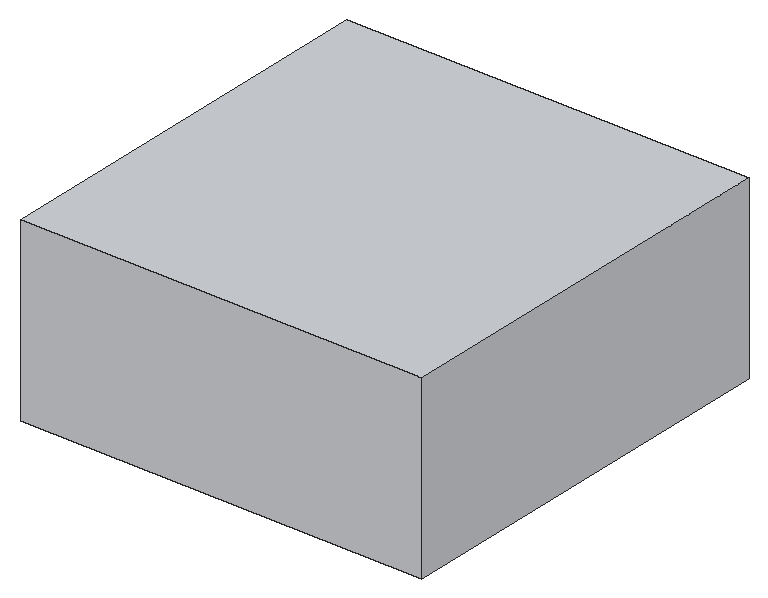
Revit family "M_Caixa universal - Sete tomadas - Tipo 1 - Alumínio", category Conexões do conduite, Revit 2019
Family settings
  Cota do conector redondo = Usar raio
  Tipo de parte = Múltiplas portas
  Número OmniClass = 23.80.30.17.11
  Título OmniClass = Conduits
  ID de item do Seek = Universal Box - Seven Outlets - Type 1 - Aluminum-0000-CAN-ENU
  Com base no plano de trabalho = Não
  Sempre na vertical = Sim
  Corte com vazios quando carregada = Não
  Compartilhado = Não
Parameters (values of type "Caixa de tomada dupla")
  Largura 2 [instance] = if(not(Diâmetro nominal máximo 1234567 > 25.4 mm), 38.1 mm, Diâmetro nominal máximo 1234567 + 12.7 mm)  # 38.1 mm
  Largura 1 [instance] = (Largura - Largura 2) * 0.5  # 39.95 mm
  Largura [instance] = if(not(Diâmetro nominal máximo 1234567 > 27 mm), 118 mm, 6 * Diâmetro nominal máximo 1234567)  # 118 mm
  Raio nominal 7 [instance] = 8 mm
  Raio nominal 6 [instance] = 8 mm
  Raio nominal 5 [instance] = 8 mm
  Raio nominal 4 [instance] = 8 mm
  Raio nominal 3 [instance] = 8 mm
  Raio nominal 2 [instance] = 8 mm
  Raio nominal 1 [instance] = 8 mm
  Diâmetro nominal 7 [instance] = Raio nominal 7 * 2  # 16 mm
  Diâmetro nominal 6 [instance] = Raio nominal 6 * 2  # 16 mm
  Diâmetro nominal 5 [instance] = Raio nominal 5 * 2  # 16 mm
  Diâmetro nominal 4 [instance] = Raio nominal 4 * 2  # 16 mm
  Diâmetro nominal 3 [instance] = Raio nominal 3 * 2  # 16 mm
  Diâmetro nominal 2 [instance] = Raio nominal 2 * 2  # 16 mm
  Diâmetro nominal 1 [instance] = Raio nominal 1 * 2  # 16 mm
  Diâmetro nominal máximo 56 [instance] = if(Diâmetro nominal 5 > Diâmetro nominal 6, Diâmetro nominal 5, Diâmetro nominal 6)  # 16 mm
  Diâmetro nominal máximo 34 [instance] = if(Diâmetro nominal 3 > Diâmetro nominal 4, Diâmetro nominal 3, Diâmetro nominal 4)  # 16 mm
  Diâmetro nominal máximo 1234567 [instance] = if(Diâmetro nominal máximo 123456 > Diâmetro nominal 7, Diâmetro nominal máximo 123456, Diâmetro nominal 7)  # 16 mm
  Diâmetro nominal máximo 123456 [instance] = if(Diâmetro nominal máximo 1234 > Diâmetro nominal máximo 56, Diâmetro nominal máximo 1234, Diâmetro nominal máximo 56)  # 16 mm
  Diâmetro nominal máximo 1234 [instance] = if(Diâmetro nominal máximo 12 > Diâmetro nominal máximo 34, Diâmetro nominal máximo 12, Diâmetro nominal máximo 34)  # 16 mm
  Diâmetro nominal máximo 12 [instance] = if(Diâmetro nominal 1 > Diâmetro nominal 2, Diâmetro nominal 1, Diâmetro nominal 2)  # 16 mm
  Comprimento [instance] = if(not(Diâmetro nominal máximo 1234567 > 27 mm), 116 mm, 8 * Diâmetro nominal máximo 1234567)  # 116 mm
  Altura [instance] = if(not(Diâmetro nominal máximo 1234567 > 27 mm), 52 mm, if(Diâmetro nominal máximo 1234567 < 155 mm, 155 mm, Diâmetro nominal máximo 1234567 * 1.2))  # 52 mm
Reference planes
  plane 1 "Centro (Frente/Trás)": y = 0
  plane 2: z = 0
  plane 3 "Centro (Esquerda/Direita)": x = 0
  plane 4: y = 39.95
  plane 5: y = -78.05
  plane 6: x = 116
  plane 7: z = -26
  plane 8: z = 26
  plane 9: y = -38.1
Forms (mm)
  Extrusion 1, solid
    sketch origin (0, 0, 0) x (1, 0, 0) y (0, 1, 0)
      loop
        line (0, 39.95) -> (0, -78.05) -> (116, -78.05) -> (116, 39.95) -> (0, 39.95)
    from -26 to 26
  Extrusion 2, solid
    sketch origin (0, 0, 0) x (0, 1, 0) y (0, 0, 1)
      loop
        circle (0, 0) r 8
    from 0 to 116
  Extrusion 3, solid
    sketch origin (0, 0, 0) x (0, 1, 0) y (0, 0, 1)
      loop
        circle (-38.1, 0) r 8
    from 0 to 116
Cuts and joins
  joined: Extrusion 1, Extrusion 2, Extrusion 3
Dimensions and locks
  equal spacing: plane 8, plane 2, plane 7
  locked: level to plane 2
  "Altura": plane 8 to plane 7
  "Comprimento": plane 3 "Centro (Esquerda/Direita)" to plane 6
  "Largura 1": plane 4 to plane 1 "Centro (Frente/Trás)"
  "Largura 2": plane 9 to plane 1 "Centro (Frente/Trás)"
  "Largura": plane 4 to plane 5
  "Raio nominal 1": radius of Extrusion 2 sketch curve
  "Raio nominal 1": radius of Extrusion 3 sketch curve
  aligned and locked: Extrusion 1 sketch curve to plane 4
  aligned and locked: plane 5 to Extrusion 1 sketch curve
  aligned and locked: Extrusion 1 sketch curve to plane 6
  aligned: Extrusion 1 to plane 2
  aligned and locked: Extrusion 1 to plane 7
  aligned and locked: plane 8 to Extrusion 1
  aligned and locked: Extrusion 1 to plane 3 "Centro (Esquerda/Direita)"
  aligned and locked: plane 2 to Extrusion 2 sketch curve
  aligned and locked: plane 1 "Centro (Frente/Trás)" to Extrusion 2 sketch curve
  aligned and locked: Extrusion 2 to plane 3 "Centro (Esquerda/Direita)"
  aligned and locked: plane 2 to Extrusion 3 sketch curve
  aligned and locked: plane 9 to Extrusion 3 sketch curve
  aligned and locked: Extrusion 3 to plane 3 "Centro (Esquerda/Direita)"
  aligned and locked: plane 6 to Extrusion 2
  aligned and locked: plane 6 to Extrusion 3
Automatic sketch dimensions
  plane 3 "Centro (Esquerda/Direita)" to Extrusion 1 sketch curve = 0 mm
Connectors
  cabletrayconduit at (0, 0, 0), diameter 16, driven by "Raio nominal 1"
    settings: on Extrusion 2, index 1, connector width 304.8 mm, connector height 304.8 mm, connector angle 0.00°, system type 32, placement type 0, profile type 0, connector reference index 3, is primary connector yes, connector utility param no, connector description ""
  cabletrayconduit at (0, -38.1, 0), diameter 16, driven by "Raio nominal 2"
    settings: on Extrusion 3, index 2, connector width 304.8 mm, connector height 304.8 mm, connector angle 0.00°, system type 32, placement type 0, profile type 0, connector reference index 4, is primary connector no, connector utility param no, connector description ""
  cabletrayconduit at (116, 0, 0), diameter 16, driven by "Raio nominal 3"
    settings: on Extrusion 2, index 3, connector width 304.8 mm, connector height 304.8 mm, connector angle 0.00°, system type 32, placement type 0, profile type 0, connector reference index 1, is primary connector no, connector utility param no, connector description ""
  cabletrayconduit at (116, -38.1, 0), diameter 16, driven by "Raio nominal 4"
    settings: on Extrusion 3, index 4, connector width 304.8 mm, connector height 304.8 mm, connector angle 0.00°, system type 32, placement type 0, profile type 0, connector reference index 2, is primary connector no, connector utility param no, connector description ""
  cabletrayconduit at (58, -78.05, 0), diameter 16, driven by "Raio nominal 5"
    settings: on cut or joined group of Extrusion 1, Extrusion 2, Extrusion 3, index 5, connector width 304.8 mm, connector height 304.8 mm, connector angle 0.00°, system type 32, placement type 0, profile type 0, connector reference index 6, is primary connector no, connector utility param no, connector description ""
  cabletrayconduit at (58, 39.95, 0), diameter 16, driven by "Raio nominal 6"
    settings: on cut or joined group of Extrusion 1, Extrusion 2, Extrusion 3, index 6, connector width 304.8 mm, connector height 304.8 mm, connector angle 0.00°, system type 32, placement type 0, profile type 0, connector reference index 5, is primary connector no, connector utility param no, connector description ""
  cabletrayconduit at (58, -19.05, -26), diameter 16, driven by "Raio nominal 7"
    settings: on cut or joined group of Extrusion 1, Extrusion 2, Extrusion 3, index 7, connector width 304.8 mm, connector height 304.8 mm, connector angle 0.00°, system type 32, placement type 0, profile type 0, connector reference index -1, is primary connector no, connector utility param no, connector description ""
